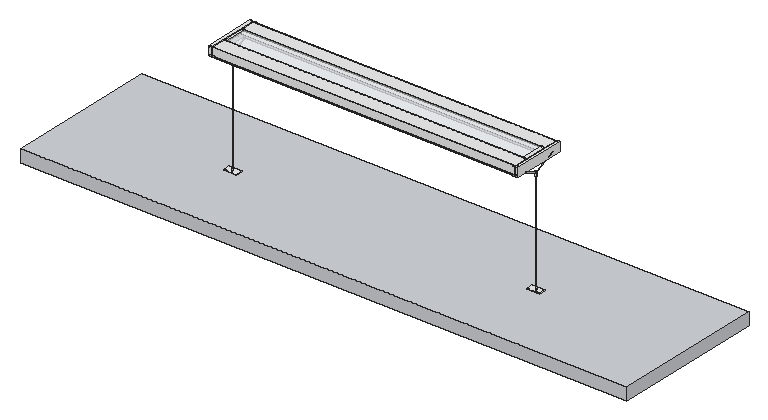
Revit family
Parameters (values of type "Temp")
  With Spacers = no
  With Single Spacer = and(With Spacers, Length = 96")  # no
  With Multiple Spacers = and(With Spacers, Length > 96")  # no
  With Multiple Lamps = Length > 96"  # no
  With Additional Lamp = Length = 96"  # no
  Wattage = 47.1247 W
  built-in parameter 1150110 = 1 (stored number, unit not read)
  Voltage = 120 V
  URL = "http://www.axislighting.com/CMS/SlimLitex2Home.php?Slim%202X%20SurroundLite-70"
  Total Number of Lamps = (Length / 48")  # 1
  built-in parameter 1114217 = 1 (stored number, unit not read)
  Total Lamp Wattage = Total Number of Lamps * Lamp Wattage  # 81 VA
  Tilt Angle = -90.00°
  built-in parameter 1150109 = 1 (stored number, unit not read)
  built-in parameter 1150134 = (empty or 0)
  Suspension Length = 18"
  Suspension Finish = Steel - Axis - White
  built-in parameter 1150113 = 1 (stored number, unit not read)
  Shielding Distance = if(Length < 144", Length / 4, 48")  # 12"
  Product ID = "SL2HLED"
  Photometric Web File = "SL2HLED-B3-2SL-1000-750-80-35-VL-4-4-W-120-D-1.ies"
  Other = ""
  Optics Finish = Acrylic - Axis - VL Optic
  Number of Spacers = if(Length > 108", Length / 48" - 1, 2)  # 2
  Mounting Configuration = if(Length < 192", 2, if(Length < 240", 3, if(Length < 336", 4, if(Length < 432", 5, if(Length < 528", 6, if(Length < 624", 7, Length / 48"))))))  # 2
  Model = "SLIM 2xSurroundlite"
  Manufacturer = "Axis Lighting"
  built-in parameter 1150105 = 557.04 (stored number, unit not read)
  Lumens = 7000 lm
  built-in parameter 1150115 = 1 (stored number, unit not read)
  built-in parameter 1150137 = (empty or 0)
  built-in parameter 1150139 = (empty or 0)
  Length = 48"
  Lamp Wattage = 81 VA
  built-in parameter 1150112 = 1 (stored number, unit not read)
  built-in parameter 1150114 = 1 (stored number, unit not read)
  Lamp Length = 48"  # constant formula
  Lamp Distance B = if(Length < 108", Length / 4, Lamp Distance A)  # 12"
  Lamp Distance A = if(Length = 48", Length, if(Length = 96", Length / 2, if(Length < 144", Length / 4, 48")))  # 48"
  Lamp Configuration = if(Length > 108", Length / 48" - 1, 2)  # 2
  Lamp = "LED"
  Keynote = "16510"
  built-in parameter 1150132 = 2
  built-in parameter 1150102 = (empty or 0)
  built-in parameter 1150107 = 3500 (stored number, unit not read)
  built-in parameter 1150138 = (empty or 0)
  built-in parameter 1150106 = 5.5704 (stored number, unit not read)
  IC Controls = ""
  Housing Finish = Aluminum - Axis - White
  Fixture Width = 8 1/4"  # constant formula
  Fixture Length = if(Length > 12", (Lamp Length * Total Number of Lamps) + 1", 5 1/4")  # 49"
  built-in parameter 1150104 = 13.8 (stored number, unit not read)
  Dimming Lamp Color Temperature Shift = (empty or 0)
  Description = "Dual Control Pendant Hi-Output"
  Default Elevation = 48"
  Custom = ""
  Color Filter = 16777215
  Circuit = 1
  built-in parameter 1114218 = 1 (stored number, unit not read)
  built-in parameter 1150133 = 10 (stored number, unit not read)
  Assembly Code = "D5020210"
  Apparent Load = Total Lamp Wattage  # 81 VA
Types (6): name | With Additional Lamp | Wattage | Total Number of Lamps | Total Lamp Wattage | Shielding Distance | Product ID | Photometric Web File | Optics Finish | built-in parameter 1150105 | Lumens | Length | Lamp Wattage | Lamp Distance B | built-in parameter 1150106 | Fixture Length | Description | Apparent Load
  (no name) | no | 47.1247 W | 1 | 81 VA | 12" | "SL2HLED" | "SL2HLED-B3-2SL-1000-750-80-35-VL-4-4-W-120-D-1.ies" | Acrylic - Axis - VL Optic | 557.04 (stored number, unit not read) | 7000 lm | 48" | 81 VA | 12" | 5.5704 (stored number, unit not read) | 49" | "Dual Control Pendant Hi-Output" | 81 VA
  SL2HLED-B3-2xSL-1000-750-80-35-VL-4-4-W-120 | no | 47.1247 W | 1 | 81 VA | 12" | "SL2HLED" | "SL2HLED-B3-2SL-1000-750-80-35-VL-4-4-W-120-D-1.ies" | Acrylic - Axis - VL Optic | 557.04 (stored number, unit not read) | 7000 lm | 48" | 81 VA | 12" | 5.5704 (stored number, unit not read) | 49" | "Dual Control Pendant Hi-Output" | 81 VA
  SL2LLED-B3-2xSL-500-250-80-35-SM-4-4-W-120 | no | 20.1963 W | 1 | 34 VA | 12" | "SL2LLED" | "SL2LLED-B3-SL2-500-250-80-35-SM-4-4-W-120-D-1.ies" | Acrylic - Axis - Frosted | 238.73 (stored number, unit not read) | 3000 lm | 48" | 34 VA | 12" | 2.3873 (stored number, unit not read) | 49" | "Dual Control Pendant Lo-Output" | 34 VA
  SL2LLED-B3-2xSL-500-250-80-35-SM-8-8-W-120 | yes | 40.3926 W | 2 | 68 VA | 24" | "SL2LLED" | "SL2LLED-B3-SL2-500-250-80-35-SM-4-4-W-120-D-1.ies" | Acrylic - Axis - Frosted | 477.46 (stored number, unit not read) | 6000 lm | 96" | 34 VA | 24" | 4.7746 (stored number, unit not read) | 97" | "Dual Control Pendant Lo-Output" | 68 VA
  SL2HLED-B3-2xSL-1000-750-80-35-VL-8-8-W-120 | yes | 94.2495 W | 2 | 162 VA | 24" | "SL2HLED" | "SL2HLED-B3-2SL-1000-750-80-35-VL-4-4-W-120-D-1.ies" | Acrylic - Axis - VL Optic | 1114.1 (stored number, unit not read) | 14000 lm | 96" | 81 VA | 24" | 11.141 (stored number, unit not read) | 97" | "Dual Control Pendant Hi-Output" | 162 VA
  Temp | no | 47.1247 W | 1 | 81 VA | 12" | "SL2HLED" | "SL2HLED-B3-2SL-1000-750-80-35-VL-4-4-W-120-D-1.ies" | Acrylic - Axis - VL Optic | 557.04 (stored number, unit not read) | 7000 lm | 48" | 81 VA | 12" | 5.5704 (stored number, unit not read) | 49" | "Dual Control Pendant Hi-Output" | 81 VA
Reference planes (in)
  plane 1 "Center (Front/Back)": y = 0
  plane 2: z = 0
  plane 3 "Center (Left/Right)": x = 0
  plane 4 "Top of Fixture": z = 18
  plane 5: x = -24.5
  plane 6: x = 24.5
  plane 7: x = -24
  plane 8: x = 24
  plane 9: x = -23.5
  plane 10: x = 23.5
  plane 11 "Light": z = 18.75
  plane 12: z = 19.375
  plane 13: y = 4.125
  plane 14: y = -4.125
  plane 15: x = -12
  plane 16: x = 12
  plane 17: x = -18
  plane 18: x = 18
  plane 19: x = 0
  plane 20: x = -6
  plane 21: x = -24
  plane 22: x = 24
  plane 23: x = 24
  plane 24: x = 0
  plane 25: x = 12
  plane 26: x = 18
  plane 27: x = 36
  plane 28: x = 30
  plane 29: x = 24
  plane 30: x = -24
  plane 31: x = 0
Forms (in)
  Extrusion 1, solid
    sketch origin (0, 0, 0) x (1, 0, 0) y (0, 1, 0)
      loop
        line (-48, 12) -> (-48, -12) -> (48, -12) -> (48, 12) -> (-48, 12)
    from 0 to -2
  Extrusion 2, solid, material "Aluminum - Axis - White" <- "Housing Finish"
    sketch origin (0, 0, 0) x (0, 1, 0) y (0, 0, 1)
      loop
        line (1.76728, 19.375) -> (-1.76728, 19.375) -> (-1.63738, 19.3) -> (1.63738, 19.3) -> (1.76728, 19.375)
    from -24 to -23.5
  Sweep 3, solid, material "Aluminum - Axis - White" <- "Housing Finish"
    path origin (0, 0, 0) x (1, 0, 0) y (0, 1, 0)
      loop
        line (24.5, 0) -> (24, 0)
    profile "Slim-Profile-Endcap : Slim-Profile-Endcap" origin (24.25, 0, 0) x (0, -1, 0) y (0, 0, 1)
      loop
        line (4.075, 19.375) -> (-4.075, 19.375)
        arc (-4.075, 19.375) -> (-4.11036, 19.36036) -> (-4.125, 19.325) r 0.05
        line (-4.125, 19.325) -> (-4.125, 18.05)
        arc (-4.125, 18.05) -> (-4.11036, 18.01464) -> (-4.075, 18) r 0.05
        line (-4.075, 18) -> (4.075, 18)
        arc (4.075, 18) -> (4.11036, 18.01464) -> (4.125, 18.05) r 0.05
        line (4.125, 18.05) -> (4.125, 19.325)
        arc (4.125, 19.325) -> (4.11036, 19.36036) -> (4.075, 19.375) r 0.05
  Sweep 4, solid, material "Aluminum - Axis - White" <- "Housing Finish"
    path origin (0, 0, 0) x (-1, 0, 0) y (0, 1, 0)
      loop
        line (24.5, 0) -> (24, 0)
    profile "Slim-Profile-Endcap : Slim-Profile-Endcap" origin (-24.25, 0, 0) x (0, 1, 0) y (0, 0, 1)
      loop
        arc (-4.075, 19.375) -> (-4.11036, 19.36036) -> (-4.125, 19.325) r 0.05
        line (-4.125, 19.325) -> (-4.125, 18.05)
        arc (-4.125, 18.05) -> (-4.11036, 18.01464) -> (-4.075, 18) r 0.05
        line (-4.075, 18) -> (4.075, 18)
        arc (4.075, 18) -> (4.11036, 18.01464) -> (4.125, 18.05) r 0.05
        line (4.125, 18.05) -> (4.125, 19.325)
        arc (4.125, 19.325) -> (4.11036, 19.36036) -> (4.075, 19.375) r 0.05
        line (4.075, 19.375) -> (-4.075, 19.375)
  Sweep 5, solid, material "Aluminum - Axis - White" <- "Housing Finish"
    path origin (0, 0, 0) x (1, 0, 0) y (0, 1, 0)
      loop
        line (24, 0) -> (-24, 0)
    profile "Slim-Profile-Housing : Slim-Profile-Housing" origin (0, 0, 0) x (0, -1, 0) y (0, 0, 1)
      loop
        line (-2.125, 18.57309) -> (-2.125, 18.788) -> (-1.53, 18.788) -> (-1.813, 19.19217) -> (-1.813, 19.3) -> (-1.74934, 19.3)
        arc (-1.74934, 19.3) -> (-1.72036, 19.32224) -> (-1.73434, 19.35598) r 0.03
        line (-1.73434, 19.35598) -> (-1.76728, 19.375) -> (-4.075, 19.375)
        arc (-4.075, 19.375) -> (-4.11036, 19.36036) -> (-4.125, 19.325) r 0.05
        line (-4.125, 19.325) -> (-4.125, 18.05)
        arc (-4.125, 18.05) -> (-4.11036, 18.01464) -> (-4.075, 18) r 0.05
        line (-4.075, 18) -> (-3.719, 18) -> (-3.719, 18.07) -> (-2.0046, 18.07) -> (-1.97652, 18.391) -> (-2.01594, 18.391) -> (-2.01594, 18.57309) -> (-2.125, 18.57309)
      loop
        line (2.125, 18.57309) -> (2.01594, 18.57309) -> (2.01594, 18.391) -> (1.97652, 18.391) -> (2.0046, 18.07) -> (3.719, 18.07) -> (3.719, 18) -> (4.075, 18)
        arc (4.075, 18) -> (4.11036, 18.01464) -> (4.125, 18.05) r 0.05
        line (4.125, 18.05) -> (4.125, 19.325)
        arc (4.125, 19.325) -> (4.11036, 19.36036) -> (4.075, 19.375) r 0.05
        line (4.075, 19.375) -> (1.76728, 19.375) -> (1.73434, 19.35598)
        arc (1.73434, 19.35598) -> (1.72036, 19.32224) -> (1.74934, 19.3) r 0.03
        line (1.74934, 19.3) -> (1.813, 19.3) -> (1.813, 19.19217) -> (1.53, 18.788) -> (2.125, 18.788) -> (2.125, 18.57309)
  Sweep 6, solid, material "Acrylic - Axis - VL Optic" <- "Optics Finish"
    path origin (0, 0, 0) x (1, 0, 0) y (0, 1, 0)
      loop
        line (24, 0) -> (-24, 0)
    profile "Slim-Profile-Diffuser : Slim-Profile-Diffuser" origin (0, 0, 0) x (0, -1, 0) y (0, 0, 1)
      loop
        line (-2.01594, 18.391) -> (2.01594, 18.391) -> (2.01594, 18.57309) -> (-2.01594, 18.57309) -> (-2.01594, 18.391)
      loop
        line (1.795, 19.167) -> (1.795, 19.3) -> (-1.795, 19.3) -> (-1.795, 19.167) -> (1.795, 19.167)
  Extrusion 7, solid, material "Aluminum - Axis - White" <- "Housing Finish"
    sketch origin (0, 0, 0) x (0, 1, 0) y (0, 0, -1)
      loop
        line (1.76728, -19.375) -> (1.63738, -19.3) -> (-1.63738, -19.3) -> (-1.76728, -19.375) -> (1.76728, -19.375)
    from -24 to -23.5
Dimensions and locks (in)
  "Suspension Length": plane 4 "Top of Fixture" to plane 2
  "Fixture Length": plane 5 to plane 6
  equal spacing: plane 5, plane 3 "Center (Left/Right)", plane 6
  plane 5 to plane 7 = 1/2"
  plane 8 to plane 6 = 1/2"
  locked: plane 7 to plane 9 at 0.5
  locked: plane 10 to plane 8 at 0.5
  group 1 to group 2 = 48"
  group 1 to group 2 = 0"  (x2)
  plane 11 "Light" to plane 4 "Top of Fixture" = 3/4"
  locked: plane 12 to plane 4 "Top of Fixture" at 1.375
  "Fixture Width": plane 13 to plane 14
  equal spacing: plane 13, plane 1 "Center (Front/Back)", plane 14
  Extrusion 2 sketch curve to Extrusion 2 sketch curve to plane 1 "Center (Front/Back)" = 0.1299" locked, 1.63738" locked
  plane 1 "Center (Front/Back)" to Extrusion 2 sketch curve to Extrusion 2 sketch curve = 1.63738" locked, 0.1299" locked
  locked: plane 12 to Extrusion 2 sketch curve at 0.075
  Extrusion 7 sketch curve to Extrusion 7 sketch curve to plane 1 "Center (Front/Back)" = 0.1299" locked, 1.63738" locked
  plane 1 "Center (Front/Back)" to Extrusion 7 sketch curve to Extrusion 7 sketch curve = 1.63738" locked, 0.1299" locked
  locked: plane 12 to Extrusion 7 sketch curve at 0.075
  "Shielding Distance": plane 7 to plane 15
  "Shielding Distance": plane 16 to plane 8
  equal spacing: plane 7, plane 17, plane 15
  equal spacing: plane 16, plane 18, plane 8
  "Shielding Distance": plane 15 to plane 19
  equal spacing: plane 15, plane 20, plane 19
  "Lamp Distance A": plane 21 to plane 23
  equal spacing: plane 21, plane 24, plane 23
  "Lamp Distance B": plane 25 to plane 22
  equal spacing: plane 25, plane 26, plane 22
  "Lamp Distance B": plane 23 to plane 27
  equal spacing: plane 23, plane 28, plane 27
  group 3 to group 4 = 12"
  group 3 to group 4 = 0"  (x2)
  group 5 to group 6 = 24"
  group 5 to group 6 = 0"  (x2)
  "Lamp Distance A": plane 30 to plane 29
  equal spacing: plane 30, plane 31, plane 29
  aligned and locked: plane 2 to Extrusion 1
  aligned and locked: level to Extrusion 1
  aligned and locked: plane 1 "Center (Front/Back)" to nested 1
  aligned and locked: nested 1 to plane 2
  aligned and locked: plane 1 "Center (Front/Back)" to nested 2
  aligned and locked: nested 2 to plane 2
  aligned and locked: plane 1 "Center (Front/Back)" to nested 3
  aligned and locked: plane 3 "Center (Left/Right)" to nested 3
  aligned and locked: plane 2 to nested 1
  aligned and locked: plane 2 to nested 2
  aligned and locked: plane 7 to nested 1
  aligned and locked: plane 8 to nested 2
  aligned and locked: plane 12 to Extrusion 2 sketch curve
  aligned and locked: Extrusion 2 to plane 7
  aligned and locked: plane 9 to Extrusion 2
  aligned and locked: Sweep 3 sketch curve to plane 1 "Center (Front/Back)"
  aligned and locked: plane 6 to Sweep 3 sketch curve
  aligned and locked: plane 8 to Sweep 3 sketch curve
  aligned and locked: plane 1 "Center (Front/Back)" to Sweep 4 sketch curve
  aligned and locked: plane 5 to Sweep 4 sketch curve
  aligned and locked: plane 7 to Sweep 4 sketch curve
  aligned and locked: Sweep 5 sketch curve to plane 1 "Center (Front/Back)"
  aligned and locked: plane 7 to Sweep 5 sketch curve
  aligned and locked: plane 8 to Sweep 5 sketch curve
  aligned and locked: Sweep 6 sketch curve to plane 1 "Center (Front/Back)"
  aligned and locked: plane 7 to Sweep 6 sketch curve
  aligned and locked: plane 8 to Sweep 6 sketch curve
  aligned and locked: plane 12 to Extrusion 7 sketch curve
  aligned and locked: plane 8 to Extrusion 7
  aligned and locked: Extrusion 7 to plane 10
  aligned and locked: plane 12 to nested 4
  aligned and locked: plane 1 "Center (Front/Back)" to nested 4
  aligned and locked: plane 3 "Center (Left/Right)" to nested 4
  aligned and locked: plane 1 "Center (Front/Back)" to nested 5
  aligned and locked: plane 11 "Light" to imposter light
  aligned and locked: imposter light to plane 1 "Center (Front/Back)"
  aligned and locked: plane 1 "Center (Front/Back)" to nested 6
  aligned and locked: plane 15 to nested 5
  aligned and locked: plane 12 to nested 5
  aligned and locked: plane 21 to plane 7
  aligned and locked: plane 22 to plane 8
  aligned and locked: plane 26 to nested 6
  aligned and locked: imposter light to plane 24
  aligned and locked: plane 28 to nested 7
  aligned and locked: plane 1 "Center (Front/Back)" to nested 7
  aligned and locked: plane 16 to nested 8
  aligned and locked: plane 1 "Center (Front/Back)" to nested 8
  aligned and locked: plane 12 to nested 8
  aligned and locked: plane 29 to plane 8
  aligned and locked: plane 31 to nested 9
  aligned and locked: plane 1 "Center (Front/Back)" to nested 9
Automatic sketch dimensions
  Extrusion 1 sketch curve to Extrusion 1 sketch curve = 96"
  Extrusion 1 sketch curve to Extrusion 1 sketch curve = 24"
Nested families (in)
  nested 1: "Lighting-Component-Axis-Slim-Cable_Hanger" at (-24, 0, 0), type "Cable Hanger"
  nested 2: "Lighting-Component-Axis-Slim-Cable_Hanger" at (24, 0, 0), type "Cable Hanger"
  nested 3: "Lighting-Pendant-Axis-Symbol" at (0, 0, 0), type "Lighting-Pendant-Axis-Symbol"
  nested 4: "Lighting-Component-Axis-Slim-2xSurroundlite-Shielding" at (0, 0, 19.3), visible <- "With Single Spacer", type "Single"
  nested 5: "Lighting-Component-Axis-Slim-2xSurroundlite-Shielding" at (-12, 0, 19.3), visible <- "With Multiple Spacers", type "Multiple"
  nested 6: "Slim-2xSurroundlite-Light" at (18, 0, 0), visible <- "With Multiple Lamps", type "Slim-2xSurroundlite-Light"
  nested 7: "Slim-2xSurroundlite-Light" at (30, 0, 0), visible <- "With Multiple Lamps", type "Slim-2xSurroundlite-Light"
  nested 8: "Lighting-Component-Axis-Slim-2xSurroundlite-Shielding" at (12, 0, 19.3), visible <- "With Multiple Spacers", type "Multiple"
  nested 9: "Slim-2xSurroundlite-Light" at (0, 0, 0), visible <- "With Additional Lamp", type "Light Additional"
Connectors (in)
  electrical at (-24, 0, 0), driven by "Voltage", driven by "Apparent Load"
    settings: on nested 1, index 1, voltage 120 V, apparent load 0 VA, apparent load phase1 81 VA, apparent load phase2 0 VA, apparent load phase3 0 VA, power factor 1, load classification "Lighting", number of poles 1, system type 31, power factor state 1, is connector primary yes, connector utility no, sub classification motor no, connector description "Lighting Fixture Power"
Definition of nested family "Lighting-Component-Axis-Slim-Cable_Hanger"
  Parameters (values of type "Cable Hanger")
    Suspension Length = 18"
    Suspension Finish = Steel - Axis - White
    Assembly Code = ""
  Reference planes (in)
    plane 1 "Center (Front/Back)": y = 0
    plane 2: z = 0
    plane 3 "Center (Left/Right)": x = 0
    plane 4: z = 18
    plane 5: y = 0.5
    plane 6: y = -0.5
    plane 7: x = -1
    plane 8: x = 1
    plane 9: z = 0.0625
    plane 10: z = 0.375
    plane 11: x = -0.125
    plane 12: x = 0.125
    plane 13: z = 18.71154
    plane 14: z = 16.66119
    plane 15: z = 16.75
    plane 16: z = 16.125
    plane 17: z = 18.0625
    plane 18: z = 18.5
    plane 19: y = 3.24219
    plane 20: y = -3.24219
    plane 21: z = 18.125
  Forms (in)
    Extrusion 1, solid, material "Steel - Axis - White" <- "Suspension Finish"
      sketch origin (0, 0, 0) x (1, 0, 0) y (0, 1, 0)
        loop
          circle (0, 0) r 0.03125
      from 16.125 to 0.375
    Extrusion 2, solid, material "Steel - Axis - White" <- "Suspension Finish"
      sketch origin (0, 0, 0) x (1, 0, 0) y (0, 1, 0)
        loop
          circle (0, 0) r 0.0625
      from 0.0625 to 0.375
    Extrusion 3, solid, material "Steel - Axis - White" <- "Suspension Finish"
      sketch origin (0, 0, 0) x (1, 0, 0) y (0, 1, 0)
        loop
          line (-1, -0.5) -> (1, -0.5) -> (1, 0.5) -> (-1, 0.5) -> (-1, -0.5)
      from 0 to 0.0625
    Extrusion 4, solid, material "Steel - Axis - White" <- "Suspension Finish"
      sketch origin (0, 0, 0) x (1, 0, 0) y (0, 1, 0)
        loop
          circle (0, 0) r 0.125
      from 16.125 to 16.75
    Sweep 5, solid, material "Steel - Axis - White" <- "Suspension Finish"
      path origin (0, 0, 0) x (0, 1, 0) y (0, 0, 1)
        loop
          line (3.24219, 18.125) -> (0.125, 16.66119) -> (-0.125, 16.66119) -> (-3.24219, 18.125)
      profile origin (0, 0, 16.66119) x (0, 0, -1) y (1, 0, 0)
        loop
          circle (0, 0) r 0.03125
  Dimensions and locks (in)
    equal spacing: plane 7, plane 3 "Center (Left/Right)", plane 8
    plane 7 to plane 8 = 2"
    equal spacing: plane 6, plane 1 "Center (Front/Back)", plane 5
    plane 6 to plane 5 = 1"
    Extrusion 2 to Extrusion 3 to Extrusion 3 = 0", 1/16"
    plane 10 to plane 9 to plane 2 = 5/16" locked, 1/16" locked
    locked: plane 12 to plane 11 at 0.25
    equal spacing: plane 12, plane 3 "Center (Left/Right)", plane 11
    "Suspension Length": plane 4 to plane 2
    locked: plane 13 to plane 4 at 0.71154
    locked: plane 1 "Center (Front/Back)" to Extrusion 4 sketch curve at 0.125
    locked: Extrusion 4 sketch curve to plane 1 "Center (Front/Back)" at 0.125
    locked: Sweep 5 sketch curve to plane 14 at 0.03125
    locked: plane 14 to Sweep 5 sketch curve at 0.03125
    locked: Sweep 5 sketch curve to plane 1 "Center (Front/Back)" at 3.24219
    locked: plane 1 "Center (Front/Back)" to Sweep 5 sketch curve at 3.24219
    locked: Sweep 5 sketch curve to Sweep 5 sketch curve at 0.25
    equal spacing: Sweep 5 sketch curve, plane 1 "Center (Front/Back)", Sweep 5 sketch curve
    locked: Sweep 5 sketch curve to plane 4 at 0.125  (x2)
    locked: plane 4 to plane 16 at 1.875
    locked: plane 4 to plane 15 at 1.25
    locked: plane 4 to plane 14 at 1.33881
    locked: plane 17 to plane 4 at 0.0625
    locked: plane 18 to plane 4 at 0.5
    locked: plane 19 to plane 20 at 6.48438
    equal spacing: plane 19, plane 1 "Center (Front/Back)", plane 20
    radius of Extrusion 2 sketch curve = 1/16"
    radius of Extrusion 1 sketch curve = 1/32"
    aligned and locked: plane 2 to level
    aligned and locked: plane 6 to Extrusion 3 sketch curve
    aligned and locked: Extrusion 3 sketch curve to plane 7
    aligned and locked: Extrusion 3 sketch curve to plane 5
    aligned and locked: plane 8 to Extrusion 3 sketch curve
    aligned: plane 4 to Extrusion 3
    aligned: Extrusion 1 to Extrusion 2
    aligned: Extrusion 2 to Extrusion 3
    aligned and locked: Extrusion 3 to plane 2
    aligned and locked: plane 9 to Extrusion 3
    aligned and locked: Extrusion 2 to plane 9
    aligned and locked: plane 10 to Extrusion 2
    aligned and locked: Extrusion 1 to plane 10
    aligned and locked: plane 14 to Sweep 5 sketch curve
    aligned and locked: Extrusion 4 to plane 16
    aligned and locked: plane 15 to Extrusion 4
    aligned and locked: plane 16 to Extrusion 1
  Automatic sketch dimensions
    plane 1 "Center (Front/Back)" to Extrusion 1 sketch curve = 0"
    Extrusion 1 sketch curve to plane 3 "Center (Left/Right)" = 0"
    plane 1 "Center (Front/Back)" to Extrusion 2 sketch curve = 0"
    Extrusion 2 sketch curve to plane 3 "Center (Left/Right)" = 0"
    Extrusion 4 sketch curve to plane 3 "Center (Left/Right)" = 0"
    Sweep 5 sketch curve to plane 3 "Center (Left/Right)" = 0"
Definition of nested family "Lighting-Component-Axis-Slim-2xSurroundlite-Shielding"
  Parameters (values of type "Multiple")
    Width = 1.13"
    Housing Finish = Aluminum - Axis - White
    Assembly Code = ""
  Types (2): name
    Single
    Multiple
  Reference planes (in)
    plane 1 "Center (Front/Back)": y = 0
    plane 2 "Center": z = 0
    plane 3 "Center (Left/Right)": x = 0
    plane 4: x = -0.565
    plane 5: x = 0.565
  Forms (in)
    Extrusion 1, solid, material "Aluminum - Axis - White" <- "Housing Finish"
      sketch origin (0, 0, 0) x (0, 1, 0) y (0, 0, 1)
        loop
          line (-1.76728, 0.075) -> (-1.63738, 0) -> (1.63738, 0) -> (1.76728, 0.075) -> (-1.76728, 0.075)
      from -0.565 to 0.565
  Dimensions and locks (in)
    "Width": plane 5 to plane 4
    equal spacing: plane 5, plane 3 "Center (Left/Right)", plane 4
    locked: Extrusion 1 sketch curve to plane 2 "Center" at 0.075
    Extrusion 1 sketch curve to Extrusion 1 sketch curve to plane 1 "Center (Front/Back)" = 0.1299" locked, 1.63738" locked
    plane 1 "Center (Front/Back)" to Extrusion 1 sketch curve to Extrusion 1 sketch curve = 1.63738" locked, 0.1299" locked
    aligned and locked: plane 2 "Center" to level
    aligned and locked: Extrusion 1 to plane 4
    aligned and locked: plane 5 to Extrusion 1
    aligned and locked: Extrusion 1 sketch curve to plane 2 "Center"
Definition of nested family "Lighting-Pendant-Axis-Symbol"
  Parameters (values of type "Lighting-Pendant-Axis-Symbol")
    Width = 5 1/32"
    Length = 24"
    Assembly Code = ""
  Reference planes (in)
    plane 1 "Center (Front/Back)": y = 0
    plane 2: z = 0
    plane 3 "Center (Left/Right)": x = 0
  Lines and regions (in)
    Masking region 1, in view "Ref. Level"
      outline origin (0, 0, 0) x (1, 0, 0) y (0, 1, 0)
        loop
          line (-12, -2.51563) -> (12, -2.51563) -> (12, 2.51563) -> (-12, 2.51563) -> (-12, -2.51563)
    detail lines, style "Pendant Lights", in view "Ref. Level", detail levels coarse+medium
      curve 1: line (-12, 2.51563, 0) -> (12, 2.51563, 0)
      curve 2: line (-12, -2.51563, 0) -> (-12, 2.51563, 0)
      curve 3: line (12, -2.51563, 0) -> (-12, -2.51563, 0)
      curve 4: line (12, 2.51563, 0) -> (12, -2.51563, 0)
    detail lines, style "Pendant Lights", in view "Ref. Level"
      curve 5: circle (-11.375, 0, 0) r 0.25 normal (0, 0, 1)
      curve 6: circle (11.375, 0, 0) r 0.25 normal (0, 0, 1)
  Dimensions and locks (in)
    "Length": curve 2 to curve 4
    "Width": curve 1 to curve 3
    equal spacing: curve 2, plane 3 "Center (Left/Right)", curve 4
    equal spacing: curve 1, plane 1 "Center (Front/Back)", curve 3
    locked: curve 2 to curve 5 at 0.625
    locked: curve 6 to curve 4 at 0.625
    equal spacing: curve 1, curve 5, curve 3
    equal spacing: curve 1, curve 6, curve 3
    aligned and locked: Masking region 1 sketch curve to curve 3
    aligned and locked: Masking region 1 sketch curve to curve 2
    aligned and locked: Masking region 1 sketch curve to curve 1
    aligned and locked: Masking region 1 sketch curve to curve 4
  Automatic sketch dimensions
    radius of curve 5 = 1/4"
    radius of curve 6 = 1/4"
Definition of nested family "Slim-2xSurroundlite-Light"
  Parameters (values of type "Slim-2xSurroundlite-Light")
    Wattage = 143.697 W
    built-in parameter 1150110 = 1 (stored number, unit not read)
    built-in parameter 1114217 = 1 (stored number, unit not read)
    Tilt Angle = -90.00°
    built-in parameter 1150109 = 1 (stored number, unit not read)
    built-in parameter 1150134 = (empty or 0)
    Suspension Length = 36"
    built-in parameter 1150113 = 1 (stored number, unit not read)
    Photometric Web File = "SL2HLED-B3-2SL-1000-750-80-35-VL-4-4-W-120-D-1.ies"
    built-in parameter 1150105 = 1698.6 (stored number, unit not read)
    Lumens = 21345 lm
    built-in parameter 1150115 = 1 (stored number, unit not read)
    built-in parameter 1150137 = (empty or 0)
    built-in parameter 1150139 = (empty or 0)
    built-in parameter 1150112 = 1 (stored number, unit not read)
    built-in parameter 1150114 = 1 (stored number, unit not read)
    built-in parameter 1150132 = 2
    built-in parameter 1150102 = (empty or 0)
    built-in parameter 1150107 = 3500 (stored number, unit not read)
    built-in parameter 1150138 = (empty or 0)
    built-in parameter 1150106 = 16.986 (stored number, unit not read)
    built-in parameter 1150104 = 13.8 (stored number, unit not read)
    Dimming Lamp Color Temperature Shift = (empty or 0)
    Default Elevation = 48"
    Color Filter = 16777215
    built-in parameter 1114218 = 1 (stored number, unit not read)
    built-in parameter 1150133 = 10 (stored number, unit not read)
    Assembly Code = ""
  Reference planes (in)
    plane 1 "Center (Front/Back)": y = 0
    plane 2: z = 0
    plane 3 "Center (Left/Right)": x = 0
    plane 4: z = 36
    plane 5: z = 36.75
  Forms (in)
    Extrusion 1, solid
      sketch origin (0, 0, 0) x (1, 0, 0) y (0, 1, 0)
        loop
          line (-48, 48) -> (-48, -48) -> (48, -48) -> (48, 48) -> (-48, 48)
      from 0 to -12
  Dimensions and locks (in)
    "Suspension Length": plane 4 to level
    locked: plane 5 to plane 4 at 0.75
    aligned and locked: plane 2 to Extrusion 1
    aligned and locked: level to Extrusion 1
    aligned and locked: imposter light to plane 1 "Center (Front/Back)"
    aligned and locked: plane 3 "Center (Left/Right)" to imposter light
    aligned and locked: plane 5 to imposter light
  Automatic sketch dimensions
    Extrusion 1 sketch curve to Extrusion 1 sketch curve = 96"  (x2)
